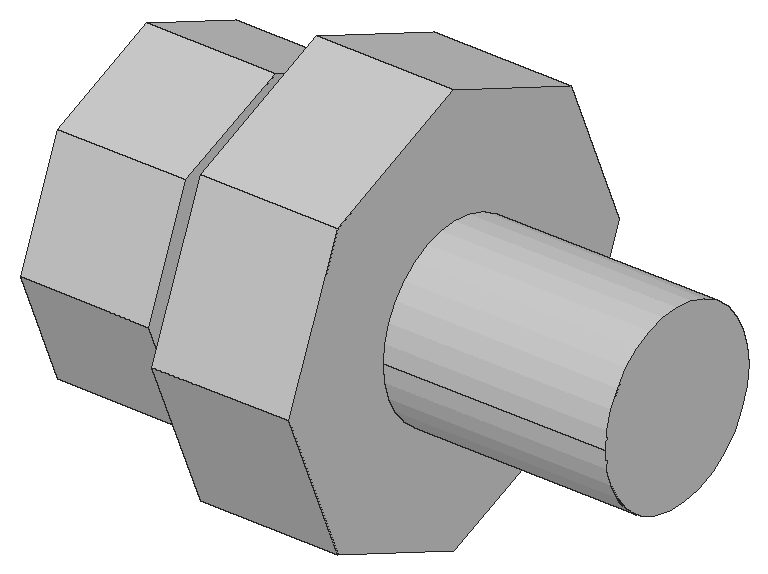
Revit family "PF_Соединение [фитинг латунный - сгон разъемный VTr.341.N]1 - VALTEC", category Соединительные детали трубопроводов, Revit 2019
Family settings
  Размер круглого соединителя = Использовать диаметр
  Тип детали = Соединение
  На основе рабочей плоскости = Нет
  Всегда вертикально = Да
  При загрузке вырезать с полостями = Нет
  Общий = Нет
Parameters (values of type "VTr.341.N")
  Таблица = "PF_Соединение [фитинг латунный - сгон разъемный VTr.341.N] - VALTEC"  # constant formula
  Manufacturer = ""
  d3 [instance] = size_lookup(Таблица, "d3", 0 mm, d)  # 20 mm
  d2 [instance] = size_lookup(Таблица, "d2", 0 mm, d)  # 32 mm
  a4 [instance] = size_lookup(Таблица, "a4", 0 mm, d)  # 10.3 mm
  a3 [instance] = size_lookup(Таблица, "a3", 0 mm, d)  # 11.5 mm
  a2 [instance] = size_lookup(Таблица, "a2", 0 mm, d)  # 3.5 mm
  a1 [instance] = size_lookup(Таблица, "a1", 0 mm, d)  # 10.8 mm
  d1 [instance] = size_lookup(Таблица, "d1", 0 mm, d)  # 24.5 mm
  d [instance] = 15 mm
  URL = "https://valtec.ru/"
  ADSK_Примечание [instance] = ""
  ADSK_Позиция [instance] = ""
  ADSK_Обозначение [instance] = "VTr.341.N"  # constant formula
  ADSK_Наименование [instance] = size_lookup(Таблица, "", "Данный типоразмер отсутствует", d)  # "Фитинг резьбовой – сгон разъемный, 1/2\""
  ADSK_Материал = Сталь, нержавеющая - VALTEC
  ADSK_Масса [instance] = size_lookup(Таблица, "Масса", 0, d)  # 0.092
  ADSK_Марка [instance] = size_lookup(Таблица, "Маркировка", "Данный типоразмер отсутствует", d)  # "VTr.341.N"
  ADSK_Код изделия [instance] = size_lookup(Таблица, "Код продукта", "Данный типоразмер отсутствует", d)  # "VTr.341.N.0004"
  ADSK_Завод-изготовитель [instance] = "VALTEC"  # constant formula
  ADSK_Единица измерения [instance] = "шт."  # constant formula
  ADSK_URL страницы изделия = "https://valtec.ru/catalog/rezbovye_i_remontnye_soedineniya_dlya_truboprovodov/rezbovye_fitingi/fiting_rezbovoj_sgon_razemnyj_vtr341n.html"
  ADSK_URL документации изделия = "https://valtec.ru/document/technical/VTr.098-340-340C-341-728%20-1219.pdf"
  A [instance] = size_lookup(Таблица, "A", 0 mm, d)  # 44.5 mm
Reference planes
  plane 1 "По центру (Вперед/Назад)": y = 0
  plane 2: z = 0
  plane 3 "По центру (Влево/Вправо)": x = 0
  plane 4: x = 22.25
  plane 5: x = -22.25
  plane 6: x = -11.45
  plane 7: x = -7.95
  plane 8: x = 3.55
  plane 9: x = 11.95
Forms (mm)
  Extrusion 1, solid, material "Сталь, нержавеющая - VALTEC" <- "ADSK_Материал", detail levels medium+fine
    sketch origin (0, 0, 0) x (0, 1, 0) y (0, 0, 1)
      loop
        circle (0, 0) r 7.5
    from 3.55 to 22.25
  Extrusion 2, solid, material "Сталь, нержавеющая - VALTEC" <- "ADSK_Материал", detail levels medium+fine
    sketch origin (0, 0, 0) x (0, 1, 0) y (0, 0, 1)
      loop
        circle (0, 0) r 10
    from -11.45 to -7.95
Lines and regions (mm)
  reference lines
    curve 1: line (-22.25, 0, 0) -> (11.95, 0, 0)
  model lines, detail levels coarse
    curve 2: line (-22.25, 0, 0) -> (11.95, 0, 0)
    curve 3: line (0, -16, 0) -> (0, 16, 0)
Dimensions and locks
  equal spacing: plane 5, plane 3 "По центру (Влево/Вправо)", plane 4
  "A": plane 5 to plane 4
  "a1": plane 5 to plane 6
  "a2": plane 6 to plane 7
  "a3": plane 7 to plane 8
  "a4": plane 9 to plane 4
  equal spacing: curve 3, plane 1 "По центру (Вперед/Назад)", curve 3
  "d2": curve 3 to curve 3
  "d": diameter of Extrusion 1 sketch curve
  "d3": diameter of Extrusion 2 sketch curve
  aligned and locked: level to plane 2
  aligned and locked: plane 1 "По центру (Вперед/Назад)" to nested 1
  aligned and locked: plane 1 "По центру (Вперед/Назад)" to nested 2
  aligned and locked: plane 5 to nested 1
  aligned and locked: plane 7 to nested 2
  aligned and locked: plane 2 to Extrusion 1 sketch curve
  aligned and locked: plane 1 "По центру (Вперед/Назад)" to Extrusion 1 sketch curve
  aligned and locked: plane 2 to Extrusion 2 sketch curve
  aligned and locked: plane 1 "По центру (Вперед/Назад)" to Extrusion 2 sketch curve
  aligned and locked: plane 6 to Extrusion 2
  aligned and locked: Extrusion 2 to plane 7
  aligned and locked: plane 8 to Extrusion 1
  aligned and locked: Extrusion 1 to plane 4
  aligned and locked: plane 9 to curve 1
  aligned and locked: plane 5 to curve 1
  aligned and locked: plane 1 "По центру (Вперед/Назад)" to curve 1
  aligned and locked: plane 9 to curve 2
  aligned and locked: plane 5 to curve 2
  aligned and locked: plane 1 "По центру (Вперед/Назад)" to curve 2
  aligned and locked: plane 3 "По центру (Влево/Вправо)" to curve 3
Nested families
  nested 1: "Гайка - горизонталь" at (-16.85, 0, 0), d <- "d1", l <- "a1", ADSK_Материал <- "ADSK_Материал", type "Гайка - горизонталь", detail levels medium+fine
    with l 10.8 mm, d 24.5 mm, ADSK_Материал Сталь, нержавеющая - VALTEC
  nested 2: "Гайка - горизонталь" at (-2.2, 0, 0), d <- "d2", l <- "a3", ADSK_Материал <- "ADSK_Материал", type "Гайка - горизонталь", detail levels medium+fine
    with l 11.5 mm, d 32 mm, ADSK_Материал Сталь, нержавеющая - VALTEC
Connectors
  piping at (-22.25, 0, 0), diameter 15, driven by "d"
    settings: on curve 1, index 1, connector inside diameter 609.6 mm, connector length 0 mm, flow factor 0, pipe flow 0.0 L/s, pressure drop 0.0 Pa, fitting loss kfactor 0, connector angle 0.00°, fixture units 0, engagement length 0 mm, angle of deflection 0.00°, flow configuration 0, flow direction 0, fitting loss method 0, system type 28, joint type 0, gender type 0, connector reference index -1, connector utility 0, adjustable connector no, is connector primary yes, connector description ""
  piping at (11.95, 0, 0), diameter 15, driven by "d"
    settings: on curve 1, index 2, connector inside diameter 609.6 mm, connector length 0 mm, flow factor 0, pipe flow 0.0 L/s, pressure drop 0.0 Pa, fitting loss kfactor 0, connector angle 0.00°, fixture units 0, engagement length 0 mm, angle of deflection 0.00°, flow configuration 0, flow direction 0, fitting loss method 0, system type 28, joint type 0, gender type 0, connector reference index -1, connector utility 0, adjustable connector no, is connector primary no, connector description ""
Definition of nested family "Гайка - горизонталь"
  Parameters (values of type "Гайка - горизонталь")
    d [instance] = 588.881 mm
    l [instance] = 637.4 mm
    ADSK_Материал [instance] = none
  Reference planes
    plane 1 "По центру (Вперед/Назад)": y = 0
    plane 2: z = 0
    plane 3 "По центру (Влево/Вправо)": x = 0
    plane 4: y = 318.7
    plane 5: y = -318.7
    plane 6: through (0, -912.519, 2972.425) normal (0, -0.9239, -0.3827)
    plane 7: through (0, -1234.338, 2979.956) normal (0, -0.9239, -0.3827)
    plane 8: through (0, -1556.157, 2987.486) normal (0, -0.9239, -0.3827)
    plane 9: through (0, 1234.338, 2979.956) normal (0, -0.9239, 0.3827)
    plane 10: through (0, -2420.114, 1321.144) normal (0, -0.3827, -0.9239)
    plane 11: through (0, -2532.792, 1049.117) normal (0, -0.3827, -0.9239)
    plane 12: through (0, -2645.469, 777.089) normal (0, -0.3827, -0.9239)
    plane 13: through (0, 2420.114, 1321.144) normal (0, -0.3827, 0.9239)
    plane 14: through (0, 2532.792, 1049.117) normal (0, -0.3827, 0.9239)
    plane 15: through (0, 2645.469, 777.089) normal (0, -0.3827, 0.9239)
    plane 16: through (0, 912.519, 2972.425) normal (0, -0.9239, 0.3827)
    plane 17: through (0, 1234.338, 2979.956) normal (0, -0.9239, 0.3827)
    plane 18: through (0, 1556.157, 2987.486) normal (0, -0.9239, 0.3827)
    plane 19: x = 318.7
    plane 20: x = -318.7
  Forms (mm)
    Extrusion 1, solid, material <- "ADSK_Материал"
      sketch origin (0, 0, 0) x (0, 1, 0) y (0, 0, 1)
        loop
          line (0, 318.7) -> (-225.355, 225.355) -> (-318.7, 0) -> (-225.355, -225.355) -> (0, -318.7) -> (225.355, -225.355) -> (318.7, 0) -> (225.355, 225.355) -> (0, 318.7)
      from -318.7 to 318.7
  Lines and regions (mm)
    reference lines
      curve 1: line (0, -112.677, -272.027) -> (0, 112.677, 272.027)
      curve 2: line (0, -272.027, 112.677) -> (0, 272.027, -112.677)
  Dimensions and locks
    equal spacing: plane 4, plane 1 "По центру (Вперед/Назад)", plane 5
    locked: plane 4 to plane 5 at 637.4
    equal spacing: plane 8, plane 7, plane 6
    "d": plane 8 to plane 6
    equal spacing: plane 12, plane 11, plane 10
    "d": plane 12 to plane 10
    equal spacing: plane 15, plane 14, plane 13
    "d": plane 15 to plane 13
    equal spacing: plane 18, plane 17, plane 16
    "d": plane 18 to plane 16
    equal spacing: plane 20, plane 3 "По центру (Влево/Вправо)", plane 19
    "l": plane 20 to plane 19
    aligned and locked: level to plane 2
    aligned and locked: plane 10 to Extrusion 1 sketch curve
    aligned and locked: plane 13 to Extrusion 1 sketch curve
    aligned and locked: plane 16 to Extrusion 1 sketch curve
    aligned and locked: Extrusion 1 sketch curve to plane 8
    aligned and locked: Extrusion 1 sketch curve to plane 12
    aligned and locked: Extrusion 1 sketch curve to plane 15
    aligned and locked: Extrusion 1 sketch curve to plane 18
    aligned and locked: plane 6 to Extrusion 1 sketch curve
    aligned and locked: plane 19 to Extrusion 1
    aligned and locked: plane 20 to Extrusion 1
    aligned and locked: Extrusion 1 to plane 19
    aligned and locked: plane 16 to curve 2
    aligned and locked: plane 18 to curve 2
    aligned and locked: curve 2 to plane 11
    aligned and locked: plane 12 to curve 1
    aligned and locked: plane 10 to curve 1
    aligned and locked: curve 1 to plane 17
